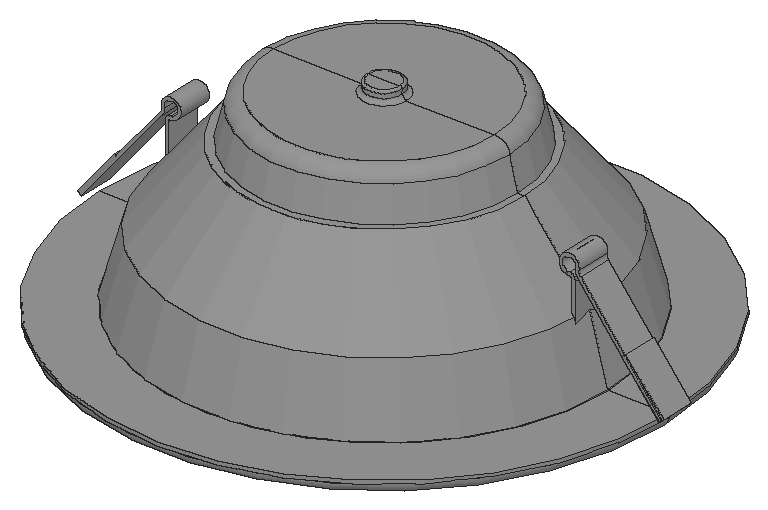
Revit family "63_UN_Downlighter_Cyclone 20W D200_Natec", category Lighting Fixtures, Revit 2019
Family settings
  Round Connector Dimension = Use Diameter
  Part Type = Normal
  OmniClass Number = 23.80.70.11.14.11
  OmniClass Title = Downlights
  Work Plane-Based = No
  Always vertical = Yes
  Cut with Voids When Loaded = Yes
  Light Source = Yes
  Shared = No
  Room Calculation Point = Yes
Parameters (values of type "Cyclone 20W 4000K (Tri-white) 110lmw")
  Wattage Comments = "20W"
  Wattage = 13.646 W
  built-in parameter 1150110 = 1 (stored number, unit not read)
  Voltage = 230 V
  URL = "https://nateclighting.nl/"
  Type Comments = "Cylone series D200"
  built-in parameter 1114217 = 1 (stored number, unit not read)
  Tilt Angle = 90.00°
  built-in parameter 1150109 = 1 (stored number, unit not read)
  built-in parameter 1150134 = 12
  Symbol_ToScale [instance] = not(Symbol_RealSize)  # no
  Symbol_RealSize [instance] = yes
  Switch Code [instance] = ""
  built-in parameter 1150113 = 1 (stored number, unit not read)
  Photometric Web File = "Cyclone 20W 4000K (Tri-white) 110lmw.IES"
  Model = "Downlighter"
  Manufacturer = "Natec Lighting"
  built-in parameter 1150105 = 818.84 (stored number, unit not read)
  Luminous Flux (lm) = 2027 lm
  Lumens = 2027 lm
  built-in parameter 1150115 = 1 (stored number, unit not read)
  Luminaire Code [instance] = ""
  built-in parameter 1150137 = (empty or 0)
  built-in parameter 1150139 = (empty or 0)
  built-in parameter 1150112 = 1 (stored number, unit not read)
  built-in parameter 1150114 = 1 (stored number, unit not read)
  Lamp = "LED"
  built-in parameter 1150132 = 2
  built-in parameter 1150102 = (empty or 0)
  built-in parameter 1150107 = 4000 (stored number, unit not read)
  built-in parameter 1150138 = (empty or 0)
  built-in parameter 1150106 = 8.1884 (stored number, unit not read)
  IfcExportType = "USERDEFINED"
  IfcExportAs = "IfcLightFixtureType"
  Housing_Material = Laminate, White
  built-in parameter 1150104 = 13.8 (stored number, unit not read)
  Dimming Lamp Color Temperature Shift = <None>
  Description = ""
  Content Creator® = "www.ivlibrary.com"
  Color Filter = 16777215
  built-in parameter 1114218 = 1 (stored number, unit not read)
  built-in parameter 1150133 = 10 (stored number, unit not read)
  Assembly Code = "63.0"
  Apparent Load = 20 VA
Types (4, lengths in mm): name | Wattage | built-in parameter 1150134 | Photometric Web File | built-in parameter 1150105 | Luminous Flux (lm) | Lumens | built-in parameter 1150107 | built-in parameter 1150106
  (no name) | 13.646 W | 12 | "Cyclone 20W 4000K (Tri-white) 110lmw.IES" | 818.84 (stored number, unit not read) | 2027 lm | 2027 lm | 4000 (stored number, unit not read) | 8.1884 (stored number, unit not read)
  Cyclone 20W 3000K (Tri-white) 110lmw | 14.3663 W | (empty or 0) | "Cyclone 20W 3000K (Tri-white) 110lmw.IES" | 865.74 (stored number, unit not read) | 2134 lm | 2134 lm | 3000 (stored number, unit not read) | 8.6574 (stored number, unit not read)
  Cyclone 20W 5700K (Tri-white) 110lmw | 15.0193 W | (empty or 0) | "Cyclone 20W 5700K (Tri-white) 110lmw.IES" | 901.25 (stored number, unit not read) | 2231 lm | 2231 lm | 5700 (stored number, unit not read) | 9.0125 (stored number, unit not read)
  Cyclone 20W 4000K (Tri-white) 110lmw | 13.646 W | 12 | "Cyclone 20W 4000K (Tri-white) 110lmw.IES" | 818.84 (stored number, unit not read) | 2027 lm | 2027 lm | 4000 (stored number, unit not read) | 8.1884 (stored number, unit not read)
Reference planes
  plane 1 "Center (Front/Back)": y = 0
  plane 2: z = 0
  plane 3 "Center (Left/Right)": x = 0
Forms (mm)
  Revolve 1, solid, material "Laminate, White" <- "Housing_Material"
    sketch origin (0, 0, 0) x (1, 0, 0) y (0, 0, 1)
      loop
        line (-70.785, 0) -> (-70.785, -3.99)
        arc (-70.785, -3.99) -> (-54.616, 14.03) -> (-31.348, 20.716) r 43.83
        line (-31.348, 20.716) -> (0, 20.716) -> (0, 45.716) -> (-44.58, 45.716) -> (-64.856, 20.677) -> (-70.785, 0)
      axis (0, -3.99) -> (0, 45.716)
    angle from 0 to 360
  Revolve 2, solid, material "Damp-proofing"
    sketch origin (0, 0, 0) x (1, 0, 0) y (0, 0, 1)
      loop
        line (-42.216, 45.716) -> (0, 45.716) -> (0, 62.997) -> (-4.936, 62.997)
        arc (-4.936, 62.997) -> (-5.423, 62.795) -> (-5.625, 62.308) r 0.689
        line (-5.625, 62.308) -> (-5.625, 60.909)
        arc (-5.625, 60.909) -> (-6.012, 59.975) -> (-6.946, 59.588) r 1.321
        line (-6.946, 59.588) -> (-34.851, 59.588)
        arc (-34.851, 59.588) -> (-37.929, 58.528) -> (-39.702, 55.798) r 5
        line (-39.702, 55.798) -> (-42.216, 45.716)
      axis (0, 62.997) -> (0, 45.716)
    angle from 0 to 360
  Revolve 3, solid, material "Laminate, White" <- "Housing_Material"
    sketch origin (0, 0, 0) x (1, 0, 0) y (0, 0, 1)
      loop
        line (-70.784, 0) -> (-89.967, 0) -> (-89.967, -1.039)
        arc (-89.967, -1.039) -> (-89.103, -3.126) -> (-87.016, -3.99) r 2.951
        line (-87.016, -3.99) -> (-70.784, -3.99) -> (-70.784, 0)
      axis (0, 0) -> (0, -3.99)
    angle from 0 to 360
  Sweep 4, solid, material "Laminate, White" <- "Housing_Material"
    path origin (3.614, 0, 3.972) x (1, 0, 0) y (0, 0, 1)
      loop
        line (-67.393, 15.204) -> (-67.393, 27.361)
        arc (-67.393, 27.361) -> (-67.166, 27.898) -> (-66.622, 28.108) r 0.747
        arc (-66.622, 28.108) -> (-64.497, 33.702) -> (-69.613, 30.598) r 3.164
        arc (-69.613, 30.598) -> (-69.621, 29.757) -> (-69.992, 29.003) r 1.895
        line (-69.992, 29.003) -> (-95.687, -2.728)
    profile origin (-63.78, 0, 25.255) x (-1, 0, 0) y (0, -1, 0)
      loop
        line (1.008, 5.494) -> (0, 5.494) -> (0, -5.494) -> (1.008, -5.494) -> (1.008, 5.494)
  Extrusion 5, solid, material "Laminate, White" <- "Housing_Material"
    sketch origin (1.583, 0, 3.972) x (1, 0, 0) y (0, 0, 1)
      loop
        line (-94.201, -2.414) -> (-92.935, -3.439) -> (-81.189, 11.065) -> (-82.455, 12.09) -> (-94.201, -2.414)
    from -5.494 to 5.494
  Sweep 6, solid, material "Laminate, White" <- "Housing_Material"
    path origin (-3.614, 0, 3.972) x (-1, 0, 0) y (0, 0, 1)
      loop
        line (-67.393, 15.204) -> (-67.393, 27.361)
        arc (-67.393, 27.361) -> (-67.166, 27.898) -> (-66.622, 28.108) r 0.747
        arc (-66.622, 28.108) -> (-64.497, 33.702) -> (-69.613, 30.598) r 3.164
        arc (-69.613, 30.598) -> (-69.621, 29.757) -> (-69.992, 29.003) r 1.895
        line (-69.992, 29.003) -> (-95.687, -2.728)
    profile origin (63.78, 0, 25.255) x (-1, 0, 0) y (0, -1, 0)
      loop
        line (-1.008, 5.494) -> (-1.008, -5.494) -> (0, -5.494) -> (0, 5.494) -> (-1.008, 5.494)
  Extrusion 7, solid, material "Laminate, White" <- "Housing_Material"
    sketch origin (-1.583, 0, 3.972) x (-1, 0, 0) y (0, 0, -1)
      loop
        line (-94.201, 2.414) -> (-82.455, -12.09) -> (-81.189, -11.065) -> (-92.935, 3.439) -> (-94.201, 2.414)
    from -5.494 to 5.494
Cuts and joins
  joined: Revolve 3, Sweep 4, Extrusion 5
Lines and regions (mm)
  symbolic lines, visible <- "Symbol_RealSize"
    curve 1: circle (0, 0, 0) r 100 normal (0, 0, 1)
Dimensions and locks
  aligned and locked: level to plane 2
Nested families
  nested 1: "Ø200 Symbol_Natec" at (0, 0, 0), visible <- "Symbol_ToScale", type "Ø200 Symbol_Natec"
Connectors
  electrical at (0, 0, 0), driven by "Voltage", driven by "Apparent Load"
    settings: index 1, voltage 230 V, apparent load 0 VA, apparent load phase1 20 VA, apparent load phase2 0 VA, apparent load phase3 0 VA, power factor 1, load classification "Lighting", number of poles 1, system type 31, power factor state 1, is connector primary yes, connector utility no, sub classification motor no, connector description ""
Definition of nested family "Ø200 Symbol_Natec"
  Reference planes
    plane 1: y = 0
    plane 2: x = 0
  Lines and regions (mm)
    detail lines
      curve 1: circle (0, 0, 0) r 1.16 normal (0, 0, 1)
